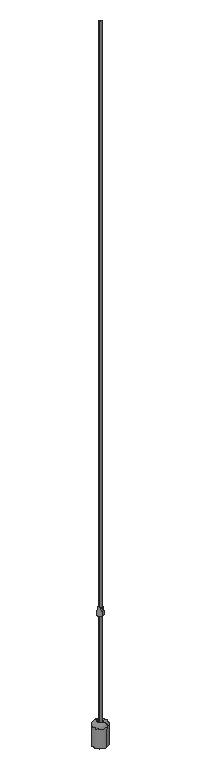
Revit family "Coral 800", category Lighting Fixtures, host Ceiling, Revit 2017
Family settings
  Host = Ceiling
  Round Connector Dimension = Use Diameter
  Part Type = Normal
  OmniClass Number = 23.80.70.11
  OmniClass Title = Luminaries for Internal Lighting
  Always vertical = Yes
  Cut with Voids When Loaded = No
  Light Source = Yes
  Shared = No
  Room Calculation Point = No
Parameters (values of type "Generic")
  Wattage Comments = "Max. 60 Watts. 110V(US) / 230-240V(EU). Lamp NOT provided."
  Wattage = 6.7321 W
  built-in parameter 1150110 = 1 (stored number, unit not read)
  URL = "https://www.davidtrubridge.com"
  Type Comments = "Ceilig Rose required, contact supplier for options."
  built-in parameter 1114217 = 1 (stored number, unit not read)
  built-in parameter 1150109 = 1 (stored number, unit not read)
  built-in parameter 1150134 = (empty or 0)
  Suspension Top [instance] = Suspension Mid - 400 mm  # 1600 mm
  built-in parameter 1150113 = 1 (stored number, unit not read)
  Model = "Coral 800"
  Manufacturer = "David Trubridge"
  Lumens = 1000 lm
  built-in parameter 1150115 = 1 (stored number, unit not read)
  built-in parameter 1150105 = 79.577 (stored number, unit not read)
  Suspension Mid [instance] = 2000 mm
  Light Source Symbol Size = 300 mm
  built-in parameter 1150137 = (empty or 0)
  built-in parameter 1150139 = (empty or 0)
  Lamp Wattage = 0 W
  built-in parameter 1150112 = 1 (stored number, unit not read)
  built-in parameter 1150114 = 1 (stored number, unit not read)
  Lamp = "E27 / (E26 USA)"
  built-in parameter 1150132 = 2
  built-in parameter 1150102 = (empty or 0)
  built-in parameter 1150138 = (empty or 0)
  built-in parameter 1150107 = 3000 (stored number, unit not read)
  built-in parameter 1150106 = 0.79577 (stored number, unit not read)
  built-in parameter 1150104 = 13.8 (stored number, unit not read)
  Dimming Lamp Color Temperature Shift = <None>
  Description = "Pendant in bamboo plywood. Can be made in a large range of colours. Lamp is not supplied"
  Cordset Finish = Plastic, Opaque White
  Color Filter = 16777215
  built-in parameter 1114218 = 1 (stored number, unit not read)
  built-in parameter 1150133 = 10 (stored number, unit not read)
  Apparent Load = 0 VA
Reference planes
  plane 1 "Light Source Axis (F/B)": y = 0
  plane 2: z = 0
  plane 3 "Light Source Axis (L/R)": x = 0
  plane 4 "Ceiling": z = 4000
  plane 5 "Light Source Elevation": z = 2000
  plane 6 "Top of pendant": z = 2400
  plane 7 "Light Socket": z = 2050
  plane 8 "Bottom of Pendant": z = 1600
  plane 9: x = 400
  plane 10: x = -400
Forms (mm)
  Revolve 1, solid, material "Plastic, Opaque White" <- "Cordset Finish"
    sketch origin (0, 0, -205) x (1, 0, 0) y (0, 0, 1)
      loop
        line (0, 2317) -> (0, 2255) -> (20, 2255) -> (20, 2307)
        arc (20, 2307) -> (17.071, 2314.071) -> (10, 2317) r 10
        line (10, 2317) -> (0, 2317)
      axis (0, 2255) -> (0, 2317)
    angle from 0 to 360
  Extrusion 2, solid, material "Plastic, Opaque White" <- "Cordset Finish"
    sketch origin (0, 0, 3200) x (0, 1, 0) y (-1, 0, 0)
      loop
        circle (0, 0) r 3
    from -800 to 800
  Extrusion 3, solid, material "Plastic, Opaque White" <- "Cordset Finish"
    sketch origin (0, 0, 3200) x (0, 1, 0) y (-1, 0, 0)
      loop
        circle (0, 0) r 3
    from -1150 to -800
  Revolve 4, solid, material "Plastic, Opaque White" <- "Cordset Finish"
    sketch origin (0, 0, -40) x (1, 0, 0) y (0, 0, 1)
      loop
        line (0, 2460) -> (0, 2440) -> (7.5, 2440) -> (5, 2460) -> (0, 2460)
      axis (0, 2440) -> (0, 2460)
    angle from 0 to 360
Dimensions and locks
  equal spacing: host sketch curve, plane 3 "Light Source Axis (L/R)", host sketch curve
  equal spacing: host sketch curve, plane 1 "Light Source Axis (F/B)", host sketch curve
  host sketch curve to host sketch curve = 4000 mm  (x2)
  plane 4 "Ceiling" to host ceiling = 0 mm
  plane 4 "Ceiling" to level = 4000 mm
  "Suspension Mid": plane 5 "Light Source Elevation" to plane 4 "Ceiling"
  locked: plane 5 "Light Source Elevation" to plane 6 "Top of pendant" at 400
  locked: plane 5 "Light Source Elevation" to plane 7 "Light Socket" at 50
  locked: plane 8 "Bottom of Pendant" to plane 5 "Light Source Elevation" at 400
  "Suspension Top": Revolve 4 to plane 4 "Ceiling"
  plane 10 to plane 9 = 800 mm
  aligned and locked: plane 3 "Light Source Axis (L/R)" to imposter light
  aligned and locked: plane 1 "Light Source Axis (F/B)" to imposter light
  aligned and locked: plane 5 "Light Source Elevation" to imposter light
  aligned and locked: Extrusion 2 to plane 6 "Top of pendant"
  aligned and locked: Extrusion 3 to Revolve 1
  aligned and locked: plane 7 "Light Socket" to Extrusion 3
  aligned and locked: Extrusion 3 to plane 6 "Top of pendant"
  aligned and locked: import instance to plane 6 "Top of pendant"
Automatic sketch dimensions
  Revolve 1 sketch curve to plane 3 "Light Source Axis (L/R)" = 0 mm
  plane 3 "Light Source Axis (L/R)" to Revolve 1 sketch curve = 0 mm
  plane 3 "Light Source Axis (L/R)" to Revolve 1 sketch curve = 10 mm
  Revolve 1 sketch curve to Revolve 1 sketch curve = 20 mm
  Revolve 1 sketch curve to plane 5 "Light Source Elevation" = 50 mm
  Revolve 1 sketch curve to Revolve 1 sketch curve = 52 mm
  Revolve 1 sketch curve to level = 563.228 mm
  Revolve 1 sketch curve to plane 4 "Ceiling" = 157.185 mm
  plane 1 "Light Source Axis (F/B)" to Extrusion 2 sketch curve = 0 mm
  Extrusion 2 sketch curve to plane 3 "Light Source Axis (L/R)" = 0 mm
  plane 1 "Light Source Axis (F/B)" to Extrusion 3 sketch curve = 0 mm
  Extrusion 3 sketch curve to plane 3 "Light Source Axis (L/R)" = 0 mm
  Revolve 4 sketch curve to plane 3 "Light Source Axis (L/R)" = 0 mm  (x2)
  plane 6 "Top of pendant" to Revolve 4 sketch curve = 0 mm
  plane 3 "Light Source Axis (L/R)" to Revolve 4 sketch curve = 5 mm
  plane 3 "Light Source Axis (L/R)" to Revolve 4 sketch curve = 7.5 mm
  Revolve 4 sketch curve to plane 6 "Top of pendant" = 20 mm
  Revolve 4 sketch curve to level = 344.8 mm
  plane 4 "Ceiling" to Revolve 4 sketch curve = 40 mm
  radius of Extrusion 2 sketch curve = 3 mm
  radius of Extrusion 3 sketch curve = 3 mm
Connectors
  electrical at (0, 0, 4000)
    settings: index 1, voltage 0 V, apparent load 0 VA, apparent load phase1 0 VA, apparent load phase2 0 VA, apparent load phase3 0 VA, power factor 1, load classification "Other", number of poles 1, system type 30, power factor state 0, is connector primary yes, connector utility no, sub classification motor no, connector description ""
